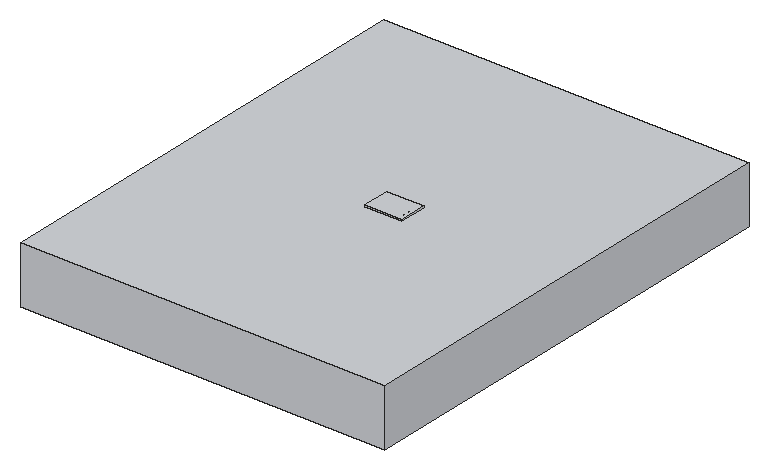
Revit family "M_Registro de fornecimento - Retangular - Montado no piso", category Terminais de ar, Revit 2019
Family settings
  Hospedeiro = Face
  Cota do conector redondo = Utilizar diâmetro
  Tipo de parte = Normal
  Número OmniClass = 23.75.70.21.27.11
  Título OmniClass = Diffusers, Registers, and Grilles
  ID de item do Seek = Supply Register - Rectangular - Floor Mounted-0000-CAN-ENU
  Corte com vazios quando carregada = Não
  Compartilhado = Não
  Ponto de cálculo do ambiente = Não
Parameters (values of type "150 mmx100 mm")
  Queda de pressão [instance] = 21.0 Pa
  Meio N = Meia largura / (19.05 mm)  # 4
  Material do registro = none
  Meia largura = Largura do duto / 2  # 75 mm
  Meia altura = Altura do duto / 2  # 50 mm
  Fluxo [instance] = 71.0 L/s
  Largura do duto = 150 mm
  Altura do duto = 100 mm
  Elevação-padrão = 1200 mm
Types (11, lengths in mm): name | Queda de pressão | Meio N | Meia largura | Meia altura | Fluxo | Largura do duto | Altura do duto
  (no name) | 21.0 Pa | 4 | 75 | 50 | 71.0 L/s | 150 | 100
  150 mmx100 mm | 21.0 Pa | 4 | 75 | 50 | 71.0 L/s | 150 | 100
  150 mmx150 mm | 40.0 Pa | 4 | 75 | 75 | 71.0 L/s | 150 | 150
  200 mmx100 mm | 21.0 Pa | 5 | 100 | 50 | 95.0 L/s | 200 | 100
  250 mmx100 mm | 21.0 Pa | 7 | 125 | 50 | 95.0 L/s | 250 | 100
  300 mmx100 mm | 21.0 Pa | 8 | 150 | 50 | 118.0 L/s | 300 | 100
  300 mmx300 mm | 229.0 Pa | 8 | 150 | 150 | 189.0 L/s | 300 | 300
  400 mmx300 mm | 10.0 Pa | 10 | 200 | 150 | 472.0 L/s | 400 | 300
  500 mmx300 mm | 12.0 Pa | 13 | 250 | 150 | 661.0 L/s | 500 | 300
  600 mmx100 mm | 15.0 Pa | 16 | 300 | 50 | 283.0 L/s | 600 | 100
  600 mmx600 mm | 34.0 Pa | 16 | 300 | 300 | 850.0 L/s | 600 | 600
Reference planes
  plane 1 "Centro (Frente/Trás)": y = 0
  plane 2: z = 0
  plane 3 "Centro (Esquerda/Direita)": x = 0
  plane 4: x = -75
  plane 5: x = 75
  plane 6: y = 50
  plane 7: y = -50
  plane 8: x = 98.812
  plane 9: x = -98.812
  plane 10: y = 73.812
  plane 11: y = -73.813
  plane 12 "11": z = 6.35
  plane 13: z = -25.4
  plane 14: x = -19.05
  plane 15: x = 19.05
Forms (mm)
  Extrusion 1, solid
    sketch origin (0, 0, 0) x (1, 0, 0) y (0, 1, 0)
      loop
        line (-1031.969, 1219.2) -> (-1031.969, -1219.2) -> (922.936, -1219.2) -> (922.936, 1219.2) -> (-1031.969, 1219.2)
    from 0 to -304.8
  Extrusion 2, solid, material <- "Material do registro"
    sketch origin (0, 0, 0) x (1, 0, 0) y (0, 1, 0)
      loop
        line (-75, -50) -> (75, -50) -> (75, 50) -> (-75, 50) -> (-75, -50)
    from 0 to -25.4
  Extrusion 3, solid, material <- "Material do registro"
    sketch origin (0, 0, 0) x (1, 0, 0) y (0, 1, 0)
      loop
        line (-98.812, -73.813) -> (98.812, -73.813) -> (98.812, 73.812) -> (-98.812, 73.812) -> (-98.812, -73.813)
    from 0 to 6.35
Cuts and joins
  joined: Extrusion 2, Extrusion 3
Lines and regions (mm)
  model lines
    curve 1: line (-75, -50, 6.35) -> (75, -50, 6.35)
    curve 2: line (-75, 50, 6.35) -> (-75, -50, 6.35)
    curve 3: line (75, 50, 6.35) -> (-75, 50, 6.35)
    curve 4: line (75, -50, 6.35) -> (75, 50, 6.35)
  symbolic lines
    curve 5: line (-98.812, 73.812, 6.35) -> (98.812, 73.812, 6.35)
    curve 6: line (-98.812, -73.813, 6.35) -> (-98.812, 73.812, 6.35)
    curve 7: line (98.812, -73.813, 6.35) -> (-98.812, -73.813, 6.35)
    curve 8: line (98.812, 73.812, 6.35) -> (98.812, -73.813, 6.35)
  symbolic lines, detail levels fine
    curve 9: line (-75, 50, 6.35) -> (75, 50, 6.35)
    curve 10: line (-75, -50, 6.35) -> (-75, 50, 6.35)
    curve 11: line (75, -50, 6.35) -> (-75, -50, 6.35)
    curve 12: line (75, 50, 6.35) -> (75, -50, 6.35)
Dimensions and locks
  equal spacing: plane 4, plane 3 "Centro (Esquerda/Direita)", plane 5
  "Meia largura": plane 4 to plane 3 "Centro (Esquerda/Direita)"
  equal spacing: plane 6, plane 1 "Centro (Frente/Trás)", plane 7
  "Meia altura": plane 6 to plane 1 "Centro (Frente/Trás)"
  locked: plane 8 to plane 5 at 23.813
  locked: plane 9 to plane 4 at 23.813
  locked: plane 10 to plane 6 at 23.812
  locked: plane 11 to plane 7 at 23.812
  locked: plane 12 "11" to plane 2 at 6.35
  locked: plane 13 to plane 2 at 25.4
  plane 14 to plane 3 "Centro (Esquerda/Direita)" to plane 15 = 19.05 mm locked, 19.05 mm locked
  equal spacing: group 1, group 2, group 3, group 4  (x2)
  equal spacing: group 4, group 3, group 2, group 1
  equal spacing: group 7, group 6, group 5, group 1  (x2)
  equal spacing: group 1, group 5, group 6, group 7
  locked: connector elem to plane 3 "Centro (Esquerda/Direita)" at 0
  locked: connector elem to plane 1 "Centro (Frente/Trás)" at 0
  aligned and locked: plane 2 to Extrusion 1
  aligned and locked: level to Extrusion 1
  aligned and locked: plane 4 to Extrusion 2 sketch curve
  aligned and locked: Extrusion 2 sketch curve to plane 7
  aligned and locked: plane 6 to Extrusion 2 sketch curve
  aligned and locked: plane 5 to Extrusion 2 sketch curve
  aligned and locked: Extrusion 2 to plane 2
  aligned and locked: Extrusion 2 to plane 13
  aligned and locked: plane 9 to Extrusion 3 sketch curve
  aligned and locked: Extrusion 3 sketch curve to plane 11
  aligned and locked: plane 10 to Extrusion 3 sketch curve
  aligned and locked: plane 8 to Extrusion 3 sketch curve
  aligned and locked: Extrusion 3 to plane 2
  aligned and locked: plane 12 "11" to Extrusion 3
  aligned and locked: plane 3 "Centro (Esquerda/Direita)" to nested 1
  aligned and locked: nested 1 to plane 12 "11"
  aligned and locked: plane 6 to nested 1
  aligned and locked: plane 7 to nested 1
  aligned and locked: plane 15 to nested 2
  aligned and locked: plane 14 to nested 5
  aligned and locked: Extrusion 2 to curve 1
  aligned and locked: curve 1 to Extrusion 2
  aligned and locked: curve 4 to Extrusion 2
  aligned and locked: curve 5 to cut or joined group of Extrusion 2, Extrusion 3  (x2)
  aligned and locked: cut or joined group of Extrusion 2, Extrusion 3 to curve 8
  aligned and locked: curve 8 to cut or joined group of Extrusion 2, Extrusion 3
  aligned and locked: cut or joined group of Extrusion 2, Extrusion 3 to plane 4
  aligned and locked: curve 9 to plane 6
  aligned and locked: curve 12 to curve 4
Automatic sketch dimensions
  curve 4 to plane 5 = 0 mm
  Extrusion 1 sketch curve to Extrusion 1 sketch curve = 1954.904 mm
  Extrusion 1 sketch curve to Extrusion 1 sketch curve = 2438.4 mm
Nested families
  nested 1: "M_Registro de ar de retorno do piso retangular_Linha da grade" at (0, 0, 6.35), type "Registro de ar de retorno do piso retangular_Linha da grade"
  nested 2: "M_Registro de ar de retorno do piso retangular_Linha da grade" at (19.05, 0, 6.35), type "Registro de ar de retorno do piso retangular_Linha da grade"
  nested 3: "M_Registro de ar de retorno do piso retangular_Linha da grade" at (38.1, 0, 6.35), type "Registro de ar de retorno do piso retangular_Linha da grade"
  nested 4: "M_Registro de ar de retorno do piso retangular_Linha da grade" at (57.15, 0, 6.35), type "Registro de ar de retorno do piso retangular_Linha da grade"
  nested 5: "M_Registro de ar de retorno do piso retangular_Linha da grade" at (-19.05, 0, 6.35), type "Registro de ar de retorno do piso retangular_Linha da grade"
  nested 6: "M_Registro de ar de retorno do piso retangular_Linha da grade" at (-38.1, 0, 6.35), type "Registro de ar de retorno do piso retangular_Linha da grade"
  nested 7: "M_Registro de ar de retorno do piso retangular_Linha da grade" at (-57.15, 0, 6.35), type "Registro de ar de retorno do piso retangular_Linha da grade"
Connectors
  hvac at (0, 0, -25.4), driven by "Altura do duto", driven by "Largura do duto", driven by "Fluxo", driven by "Queda de pressão"
    settings: on plane 13, index 1, duct flow 71.0 L/s, flow factor 0, pres drop 21.0 Pa, loss coef 0, conn angle 0.00°, conn width 150 mm, conn height 100 mm, conn diameter 609.6 mm, duct sys type 1, conn prof type 1, flow config 1, flow direction 1, loss method 4, conn ref index -1, conn util no, is conn primary yes, conn desc ""
Definition of nested family "M_Registro de ar de retorno do piso retangular_Linha da grade"
  Parameters
    Meia altura = 50.8 mm
    Assembly Code = ""
  Reference planes
    plane 1 "Centro (Frente/Trás)": y = 0
    plane 2: z = 0
    plane 3 "Centro (Esquerda/Direita)": x = 0
    plane 4: y = 50.8
    plane 5: y = -50.8
  Lines and regions (mm)
    model lines
      curve 1: line (0, 50.8, 0) -> (0, -50.8, 0)
  Dimensions and locks
    equal spacing: plane 4, plane 1 "Centro (Frente/Trás)", plane 5
    "Meia altura": plane 4 to plane 1 "Centro (Frente/Trás)"
    aligned and locked: curve 1 to plane 3 "Centro (Esquerda/Direita)"
    aligned and locked: plane 4 to curve 1
    aligned and locked: plane 5 to curve 1
